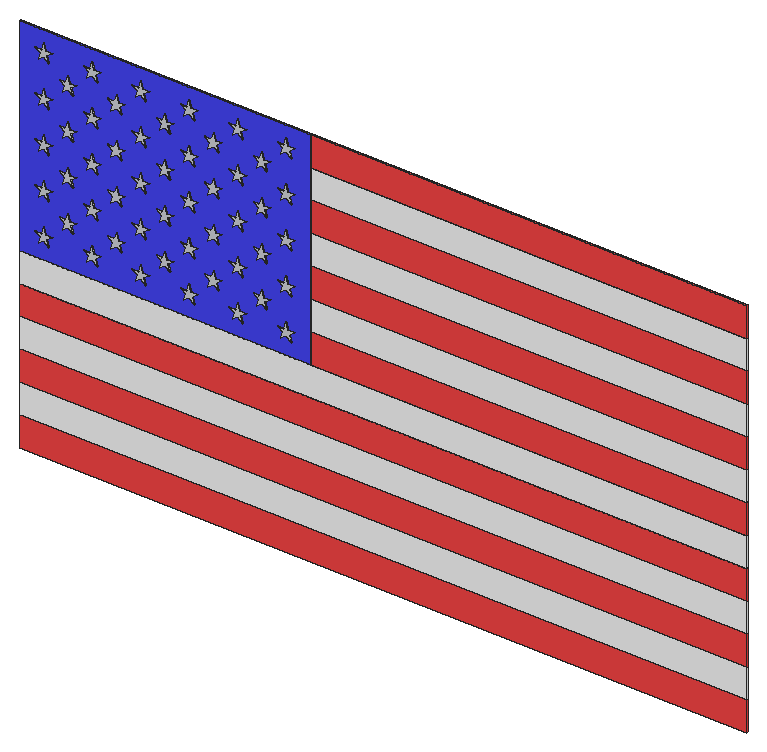
Revit family "Flag 1", category Generic Models, Revit 2023
Family settings
  Can host rebar = No
  Round Connector Dimension = Use Diameter
  Part Type = Normal
  Work Plane-Based = No
  Always vertical = Yes
  Cut with Voids When Loaded = No
  Maintain Annotation Orientation = No
  Shared = No
  Room Calculation Point = No
Parameters
  Star Area Vertical [instance] = Stripe Height * 7  # 1' - 7.38462"
  Star Area Horizontal [instance] = (Length / 5) * 2  # 2' - 3.36"
  Height [instance] = 3' - 0"
  Top of Flag [instance] = 6' - 0"
  Offset from Pole [instance] = 0' - 3"
  Length [instance] = Height * 1.9  # 5' - 8.4"
  Flag Thickness [instance] = 0' - 0 1/8"  # constant formula
  Default Elevation = 0' - 0"
  Stripe Height [instance] = Height / 13  # 0' - 2.76923"
Reference planes (in)
  plane 1 "Center (Front/Back)": y = -1
  plane 2: z = 0
  plane 3 "Center (Left/Right)": x = 0
  plane 4: z = 72
  plane 5: x = 3
  plane 6: x = 71.4
  plane 7: z = 36
  plane 8: y = -0.9375
  plane 9: y = -1.0625
  plane 10: x = 30.36
  plane 11: z = 69.23077
  plane 12: z = 66.46154
  plane 13: z = 63.69231
  plane 14: z = 60.92308
  plane 15: z = 55.38462
  plane 16: z = 52.61538
  plane 17: z = 58.15385
  plane 18: z = 49.84615
  plane 19: z = 47.07692
  plane 20: z = 44.30769
  plane 21: z = 41.53846
  plane 22: z = 38.76923
Forms (in)
  Extrusion 1, solid
    sketch origin (0, -1, 0) x (1, 0, 0) y (0, 0, 1)
      loop
        line (3, 72) -> (3, 52.61538) -> (30.36, 52.61538) -> (30.36, 72) -> (3, 72)
    from -0.0625 to 0.0625
  Extrusion 2, solid
    sketch origin (0, -1, 0) x (1, 0, 0) y (0, 0, 1)
      loop
        line (30.36, 72) -> (30.36, 69.23077) -> (71.4, 69.23077) -> (71.4, 72) -> (30.36, 72)
      loop
        line (30.36, 66.46154) -> (30.36, 63.69231) -> (71.4, 63.69231) -> (71.4, 66.46154) -> (30.36, 66.46154)
      loop
        line (30.36, 60.92308) -> (30.36, 58.15385) -> (71.4, 58.15385) -> (71.4, 60.92308) -> (30.36, 60.92308)
      loop
        line (30.36, 55.38462) -> (30.36, 52.61538) -> (71.4, 52.61538) -> (71.4, 55.38462) -> (30.36, 55.38462)
      loop
        line (3, 49.84615) -> (3, 47.07692) -> (71.4, 47.07692) -> (71.4, 49.84615) -> (3, 49.84615)
      loop
        line (3, 44.30769) -> (3, 41.53846) -> (71.4, 41.53846) -> (71.4, 44.30769) -> (3, 44.30769)
      loop
        line (3, 38.76923) -> (3, 36) -> (71.4, 36) -> (71.4, 38.76923) -> (3, 38.76923)
    from -0.0625 to 0.0625
  Extrusion 3, solid
    sketch origin (0, -1, 0) x (1, 0, 0) y (0, 0, 1)
      loop
        line (30.36, 69.23077) -> (30.36, 66.46154) -> (71.4, 66.46154) -> (71.4, 69.23077) -> (30.36, 69.23077)
      loop
        line (30.36, 63.69231) -> (30.36, 60.92308) -> (71.4, 60.92308) -> (71.4, 63.69231) -> (30.36, 63.69231)
      loop
        line (30.36, 58.15385) -> (30.36, 55.38462) -> (71.4, 55.38462) -> (71.4, 58.15385) -> (30.36, 58.15385)
      loop
        line (3, 52.61538) -> (3, 49.84615) -> (71.4, 49.84615) -> (71.4, 52.61538) -> (3, 52.61538)
      loop
        line (3, 47.07692) -> (3, 44.30769) -> (71.4, 44.30769) -> (71.4, 47.07692) -> (3, 47.07692)
      loop
        line (3, 41.53846) -> (3, 38.76923) -> (71.4, 38.76923) -> (71.4, 41.53846) -> (3, 41.53846)
    from -0.0625 to 0.0625
Dimensions and locks (in)
  "Offset from Pole": plane 5 to plane 3 "Center (Left/Right)"
  "Length": plane 6 to plane 5
  "Height": plane 4 to plane 7
  "Top of Flag": plane 4 to plane 2
  equal spacing: plane 8, plane 1 "Center (Front/Back)", plane 9
  "Flag Thickness": plane 8 to plane 9
  equal spacing: plane 4, plane 11, plane 12, plane 13, plane 14, plane 17, plane 15, plane 16, plane 18, plane 19, plane 20, plane 21, plane 22, plane 7
  "Star Area Horizontal": plane 10 to plane 5
  aligned and locked: level to plane 2
  aligned and locked: Extrusion 1 sketch curve to plane 5
  aligned and locked: Extrusion 1 sketch curve to plane 4
  aligned and locked: Extrusion 1 sketch curve to plane 10
  aligned and locked: Extrusion 1 to plane 16
  aligned and locked: Extrusion 2 sketch curve to plane 10  (x4)
  aligned and locked: Extrusion 2 sketch curve to plane 4
  aligned and locked: Extrusion 2 sketch curve to plane 11
  aligned and locked: Extrusion 2 sketch curve to plane 6
  aligned and locked: Extrusion 2 sketch curve to plane 12
  aligned and locked: Extrusion 2 sketch curve to plane 13
  aligned and locked: Extrusion 2 sketch curve to plane 14
  aligned and locked: Extrusion 2 sketch curve to plane 17
  aligned and locked: Extrusion 2 sketch curve to plane 15
  aligned and locked: Extrusion 2 sketch curve to plane 16
  aligned and locked: Extrusion 2 sketch curve to plane 18
  aligned and locked: Extrusion 2 sketch curve to plane 19
  aligned and locked: Extrusion 2 sketch curve to plane 20
  aligned and locked: Extrusion 2 sketch curve to plane 21
  aligned and locked: Extrusion 2 sketch curve to plane 22
  aligned and locked: Extrusion 2 sketch curve to plane 7
  aligned and locked: Extrusion 2 sketch curve to plane 5  (x3)
  aligned and locked: plane 6 to Extrusion 2 sketch curve  (x6)
  aligned and locked: Extrusion 3 sketch curve to plane 11
  aligned and locked: Extrusion 3 sketch curve to plane 12
  aligned and locked: Extrusion 3 sketch curve to plane 13
  aligned and locked: Extrusion 3 sketch curve to plane 14
  aligned and locked: Extrusion 3 sketch curve to plane 17
  aligned and locked: Extrusion 3 sketch curve to plane 15
  aligned and locked: Extrusion 3 sketch curve to plane 16
  aligned and locked: Extrusion 3 sketch curve to plane 18
  aligned and locked: Extrusion 3 sketch curve to plane 19
  aligned and locked: Extrusion 3 sketch curve to plane 20
  aligned and locked: Extrusion 3 sketch curve to plane 21
  aligned and locked: Extrusion 3 sketch curve to plane 22
  aligned and locked: Extrusion 3 sketch curve to plane 5  (x3)
  aligned and locked: Extrusion 3 sketch curve to plane 6  (x6)
  aligned and locked: plane 8 to Extrusion 2
  aligned and locked: plane 8 to Extrusion 3
  aligned and locked: Extrusion 2 to plane 9
  aligned and locked: Extrusion 3 to plane 9
  aligned and locked: plane 8 to Extrusion 1
  aligned and locked: Extrusion 1 to plane 9
  aligned and locked: plane 5 to nested 1
  aligned and locked: nested 1 to plane 4
  aligned and locked: plane 5 to nested 2
  aligned and locked: nested 2 to plane 4
Automatic sketch dimensions
  plane 19 to Extrusion 1 sketch curve = 0' - 5.53846"
  Extrusion 3 sketch curve to plane 10 = 0' - 0"  (x3)
Nested families (in)
  nested 1: "Flag Star Layout 1" at (3, -1.0625, 72) x (1, 0, 0) z (0, -1, 0), type "Flag Star Layout 1"
    with Star Size 0' - 0.84269", Width_Flag 5' - 8.4", Star Area Horizontal 2' - 3.36", Star Area Vertical 1' - 7.38462"
  nested 2: "Flag Star Layout 1" at (3, -0.9375, 72) x (1, 0, 0) z (0, -1, 0), type "Flag Star Layout 1"
    with Star Size 0' - 0.84269", Width_Flag 5' - 8.4", Star Area Horizontal 2' - 3.36", Star Area Vertical 1' - 7.38462"
Definition of nested family "Flag Star Layout 1"
  Parameters (values of type "Flag Star Layout 1")
    Star Size = (Star Area Horizontal * 0.0616) / 2  # 0' - 1"
    Width_Flag = 2' - 8.46753"
    Star Area Horizontal = 2' - 8.46753"
    Star Area Vertical = 2' - 0"
    Default Elevation = 4' - 0"
  Reference planes (in)
    plane 1 "Center (Front/Back)": y = 0
    plane 2: z = 0
    plane 3 "Center (Left/Right)": x = 0
    plane 4: y = -24
    plane 5: x = 32.46753
    plane 6: y = -21.6
    plane 7: y = -19.2
    plane 8: y = -16.8
    plane 9: y = -14.4
    plane 10: y = -12
    plane 11: y = -9.6
    plane 12: y = -7.2
    plane 13: y = -4.8
    plane 14: y = -2.4
    plane 15: x = 2.70563
    plane 16: x = 5.41126
    plane 17: x = 8.11688
    plane 18: x = 10.82251
    plane 19: x = 13.52814
    plane 20: x = 16.23377
    plane 21: x = 18.93939
    plane 22: x = 21.64502
    plane 23: x = 24.35065
    plane 24: x = 27.05628
    plane 25: x = 29.7619
  Forms (in)
    Extrusion 1, solid
      sketch origin (0, 0, 0) x (1, 0, 0) y (0, 1, 0)
        loop
          line (-48, 48) -> (-48, -48) -> (48, -48) -> (48, 48) -> (-48, 48)
      from 0 to -12
  Dimensions and locks (in)
    "Star Area Horizontal": plane 3 "Center (Left/Right)" to plane 5
    "Star Area Vertical": plane 4 to plane 1 "Center (Front/Back)"
    equal spacing: plane 1 "Center (Front/Back)", plane 14, plane 13, plane 12, plane 11, plane 10, plane 9, plane 8, plane 7, plane 6, plane 4
    equal spacing: plane 3 "Center (Left/Right)", plane 15, plane 16, plane 17, plane 18, plane 19, plane 20, plane 21, plane 22, plane 23, plane 24, plane 25, plane 5
    aligned and locked: plane 2 to Extrusion 1
    aligned and locked: level to Extrusion 1
    aligned and locked: nested 1 to plane 14
    aligned and locked: plane 15 to nested 1
    aligned and locked: nested 6 to plane 14
    aligned and locked: nested 5 to plane 14
    aligned and locked: nested 4 to plane 14
    aligned and locked: nested 3 to plane 14
    aligned and locked: nested 2 to plane 14
    aligned and locked: nested 11 to plane 13
    aligned and locked: nested 10 to plane 13
    aligned and locked: nested 9 to plane 13
    aligned and locked: nested 8 to plane 13
    aligned and locked: nested 7 to plane 13
    aligned and locked: nested 17 to plane 12
    aligned and locked: nested 16 to plane 12
    aligned and locked: nested 15 to plane 12
    aligned and locked: nested 14 to plane 12
    aligned and locked: nested 13 to plane 12
    aligned and locked: nested 12 to plane 12
    aligned and locked: nested 22 to plane 11
    aligned and locked: nested 21 to plane 11
    aligned and locked: nested 20 to plane 11
    aligned and locked: nested 19 to plane 11
    aligned and locked: nested 18 to plane 11
    aligned and locked: nested 28 to plane 10
    aligned and locked: nested 27 to plane 10
    aligned and locked: nested 26 to plane 10
    aligned and locked: nested 25 to plane 10
    aligned and locked: nested 24 to plane 10
    aligned and locked: nested 23 to plane 10
    aligned and locked: nested 33 to plane 9
    aligned and locked: nested 32 to plane 9
    aligned and locked: nested 31 to plane 9
    aligned and locked: nested 30 to plane 9
    aligned and locked: nested 29 to plane 9
    aligned and locked: nested 39 to plane 8
    aligned and locked: nested 38 to plane 8
    aligned and locked: nested 37 to plane 8
    aligned and locked: nested 36 to plane 8
    aligned and locked: nested 35 to plane 8
    aligned and locked: nested 34 to plane 8
    aligned and locked: nested 44 to plane 7
    aligned and locked: nested 43 to plane 7
    aligned and locked: nested 42 to plane 7
    aligned and locked: nested 41 to plane 7
    aligned and locked: nested 40 to plane 7
    aligned and locked: nested 50 to plane 6
    aligned and locked: nested 49 to plane 6
    aligned and locked: nested 48 to plane 6
    aligned and locked: nested 47 to plane 6
    aligned and locked: nested 46 to plane 6
    aligned and locked: nested 45 to plane 6
    aligned and locked: plane 15 to nested 34
    aligned and locked: plane 15 to nested 45
    aligned and locked: plane 15 to nested 23
    aligned and locked: plane 15 to nested 12
    aligned and locked: plane 16 to nested 44
    aligned and locked: plane 16 to nested 33
    aligned and locked: plane 16 to nested 22
    aligned and locked: plane 16 to nested 11
    aligned and locked: plane 17 to nested 35
    aligned and locked: plane 17 to nested 46
    aligned and locked: plane 17 to nested 24
    aligned and locked: plane 17 to nested 13
    aligned and locked: plane 17 to nested 2
    aligned and locked: plane 18 to nested 43
    aligned and locked: plane 18 to nested 32
    aligned and locked: plane 18 to nested 21
    aligned and locked: plane 18 to nested 10
    aligned and locked: plane 19 to nested 36
    aligned and locked: plane 19 to nested 47
    aligned and locked: plane 19 to nested 25
    aligned and locked: plane 19 to nested 14
    aligned and locked: plane 19 to nested 3
    aligned and locked: plane 20 to nested 42
    aligned and locked: plane 20 to nested 31
    aligned and locked: plane 20 to nested 20
    aligned and locked: plane 20 to nested 9
    aligned and locked: plane 21 to nested 37
    aligned and locked: plane 21 to nested 48
    aligned and locked: plane 21 to nested 26
    aligned and locked: plane 21 to nested 15
    aligned and locked: plane 21 to nested 4
    aligned and locked: plane 23 to nested 38
    aligned and locked: plane 23 to nested 49
    aligned and locked: plane 23 to nested 27
    aligned and locked: plane 23 to nested 16
    aligned and locked: plane 23 to nested 5
    aligned and locked: plane 24 to nested 40
    aligned and locked: plane 24 to nested 29
    aligned and locked: plane 24 to nested 18
    aligned and locked: plane 24 to nested 7
    aligned and locked: plane 25 to nested 39
    aligned and locked: plane 25 to nested 50
    aligned and locked: plane 25 to nested 28
    aligned and locked: plane 25 to nested 17
    aligned and locked: plane 25 to nested 6
    aligned and locked: plane 22 to nested 41
    aligned and locked: plane 22 to nested 30
    aligned and locked: plane 22 to nested 19
    aligned and locked: plane 22 to nested 8
  Automatic sketch dimensions
    Extrusion 1 sketch curve to Extrusion 1 sketch curve = 8' - 0"  (x2)
  Nested families (in)
    nested 1: "Flag Star 1" at (2.70563, -2.4, 0), type "Flag Star 1"
    nested 2: "Flag Star 1" at (8.11688, -2.4, 0), type "Flag Star 1"
    nested 3: "Flag Star 1" at (13.52814, -2.4, 0), type "Flag Star 1"
    nested 4: "Flag Star 1" at (18.93939, -2.4, 0), type "Flag Star 1"
    nested 5: "Flag Star 1" at (24.35065, -2.4, 0), type "Flag Star 1"
    nested 6: "Flag Star 1" at (29.7619, -2.4, 0), type "Flag Star 1"
    nested 7: "Flag Star 1" at (27.05628, -4.8, 0), type "Flag Star 1"
    nested 8: "Flag Star 1" at (21.64502, -4.8, 0), type "Flag Star 1"
    nested 9: "Flag Star 1" at (16.23377, -4.8, 0), type "Flag Star 1"
    nested 10: "Flag Star 1" at (10.82251, -4.8, 0), type "Flag Star 1"
    nested 11: "Flag Star 1" at (5.41126, -4.8, 0), type "Flag Star 1"
    nested 12: "Flag Star 1" at (2.70563, -7.2, 0), type "Flag Star 1"
    nested 13: "Flag Star 1" at (8.11688, -7.2, 0), type "Flag Star 1"
    nested 14: "Flag Star 1" at (13.52814, -7.2, 0), type "Flag Star 1"
    nested 15: "Flag Star 1" at (18.93939, -7.2, 0), type "Flag Star 1"
    nested 16: "Flag Star 1" at (24.35065, -7.2, 0), type "Flag Star 1"
    nested 17: "Flag Star 1" at (29.7619, -7.2, 0), type "Flag Star 1"
    nested 18: "Flag Star 1" at (27.05628, -9.6, 0), type "Flag Star 1"
    nested 19: "Flag Star 1" at (21.64502, -9.6, 0), type "Flag Star 1"
    nested 20: "Flag Star 1" at (16.23377, -9.6, 0), type "Flag Star 1"
    nested 21: "Flag Star 1" at (10.82251, -9.6, 0), type "Flag Star 1"
    nested 22: "Flag Star 1" at (5.41126, -9.6, 0), type "Flag Star 1"
    nested 23: "Flag Star 1" at (2.70563, -12, 0), type "Flag Star 1"
    nested 24: "Flag Star 1" at (8.11688, -12, 0), type "Flag Star 1"
    nested 25: "Flag Star 1" at (13.52814, -12, 0), type "Flag Star 1"
    nested 26: "Flag Star 1" at (18.93939, -12, 0), type "Flag Star 1"
    nested 27: "Flag Star 1" at (24.35065, -12, 0), type "Flag Star 1"
    nested 28: "Flag Star 1" at (29.7619, -12, 0), type "Flag Star 1"
    nested 29: "Flag Star 1" at (27.05628, -14.4, 0), type "Flag Star 1"
    nested 30: "Flag Star 1" at (21.64502, -14.4, 0), type "Flag Star 1"
    nested 31: "Flag Star 1" at (16.23377, -14.4, 0), type "Flag Star 1"
    nested 32: "Flag Star 1" at (10.82251, -14.4, 0), type "Flag Star 1"
    nested 33: "Flag Star 1" at (5.41126, -14.4, 0), type "Flag Star 1"
    nested 34: "Flag Star 1" at (2.70563, -16.8, 0), type "Flag Star 1"
    nested 35: "Flag Star 1" at (8.11688, -16.8, 0), type "Flag Star 1"
    nested 36: "Flag Star 1" at (13.52814, -16.8, 0), type "Flag Star 1"
    nested 37: "Flag Star 1" at (18.93939, -16.8, 0), type "Flag Star 1"
    nested 38: "Flag Star 1" at (24.35065, -16.8, 0), type "Flag Star 1"
    nested 39: "Flag Star 1" at (29.7619, -16.8, 0), type "Flag Star 1"
    nested 40: "Flag Star 1" at (27.05628, -19.2, 0), type "Flag Star 1"
    nested 41: "Flag Star 1" at (21.64502, -19.2, 0), type "Flag Star 1"
    nested 42: "Flag Star 1" at (16.23377, -19.2, 0), type "Flag Star 1"
    nested 43: "Flag Star 1" at (10.82251, -19.2, 0), type "Flag Star 1"
    nested 44: "Flag Star 1" at (5.41126, -19.2, 0), type "Flag Star 1"
    nested 45: "Flag Star 1" at (2.70563, -21.6, 0), type "Flag Star 1"
    nested 46: "Flag Star 1" at (8.11688, -21.6, 0), type "Flag Star 1"
    nested 47: "Flag Star 1" at (13.52814, -21.6, 0), type "Flag Star 1"
    nested 48: "Flag Star 1" at (18.93939, -21.6, 0), type "Flag Star 1"
    nested 49: "Flag Star 1" at (24.35065, -21.6, 0), type "Flag Star 1"
    nested 50: "Flag Star 1" at (29.7619, -21.6, 0), type "Flag Star 1"
  Definition of nested family "Flag Star 1"
    Parameters (values of type "Flag Star 1")
      Radius_Star = 0' - 1"
      Thickness_Star = 0' - 0 1/32"
      Default Elevation = 4' - 0"
      Angle = 360.00° / 5  # 72.00°
    Reference planes (in)
      plane 1 "Center (Front/Back)": y = 0
      plane 2: z = 0
      plane 3 "Center (Left/Right)": x = 0
      plane 4: z = 0.03125
    Forms (in)
      Extrusion 1, solid
        sketch origin (0, 0, 0) x (1, 0, 0) y (0, 1, 0)
          loop
            line (-48, 48) -> (-48, -48) -> (48, -48) -> (48, 48) -> (-48, 48)
        from 0 to -12
      Extrusion 2, solid
        sketch origin (-0.9174, -0.29808, 0) x (1, 0, 0) y (0, 1, 0)
          loop
            line (0.32962, -0.51093) -> (0.9174, -0.08388) -> (1.50519, -0.51093) -> (1.28067, 0.18005) -> (1.86846, 0.6071) -> (1.14192, 0.6071) -> (0.9174, 1.29808) -> (0.69289, 0.6071) -> (-0.03365, 0.6071) -> (0.55413, 0.18005) -> (0.32962, -0.51093)
        from 0 to 0.03125
    Lines and regions (in)
      reference lines
        curve 1: circle (0, 0, 0) r 1 normal (0, 0, 1)
        curve 2: line (0, 0, 0) -> (-55.16128, 17.92299, 0)
        curve 3: line (0, 0, 0) -> (-22.93319, -31.56483, 0)
        curve 4: line (0, 0, 0) -> (27.03812, -37.21478, 0)
        curve 5: line (0, 0, 0) -> (45.65071, 14.83282, 0)
        curve 6: line (0, 1, 0) -> (0.58779, -0.80902, 0)
        curve 7: line (-0.95106, 0.30902, 0) -> (0.95106, 0.30902, 0)
        curve 8: line (-0.58779, -0.80902, 0) -> (0, 1, 0)
        curve 9: line (-0.58779, -0.80902, 0) -> (0.95106, 0.30902, 0)
        curve 10: line (0.58779, -0.80902, 0) -> (-0.95106, 0.30902, 0)
    Dimensions and locks (in)
      Extrusion 2 to curve 5 = 0' - 1"
      "Radius_Star": curve 10 to curve 5  (x2)
      "Radius_Star": plane 1 "Center (Front/Back)" to curve 8
      "Radius_Star": curve 9 to curve 5
      "Thickness_Star": plane 4 to plane 2
      "Radius_Star": radius of curve 1
      "Angle": angle curve 2 to curve 3
      "Angle": angle curve 5 to plane 3 "Center (Left/Right)"
      "Angle": angle plane 3 "Center (Left/Right)" to curve 2
      "Angle": angle curve 4 to curve 5
      angle curve 8 to plane 3 "Center (Left/Right)" = 18.00°
      angle plane 3 "Center (Left/Right)" to curve 6 = 18.00°
      angle curve 5 to curve 9 = 18.00°
      angle curve 7 to curve 5 = 18.00°
      angle curve 6 to curve 4 = 18.00°
      angle curve 4 to curve 10 = 18.00°
      angle curve 3 to curve 8 = 18.00°
      angle curve 9 to curve 3 = 18.00°
      angle curve 2 to curve 7 = 18.00°
      angle curve 10 to curve 2 = 18.00°
      aligned and locked: plane 2 to Extrusion 1
      aligned and locked: level to Extrusion 1
      aligned and locked: plane 3 "Center (Left/Right)" to curve 3
      aligned and locked: plane 1 "Center (Front/Back)" to curve 3
      aligned and locked: plane 3 "Center (Left/Right)" to curve 5
      aligned and locked: curve 7 to curve 10
      aligned and locked: Extrusion 2 sketch curve to curve 8
      aligned and locked: Extrusion 2 sketch curve to curve 10
      aligned and locked: Extrusion 2 sketch curve to curve 7
      aligned and locked: Extrusion 2 sketch curve to curve 6
      aligned and locked: Extrusion 2 sketch curve to curve 9
      aligned and locked: curve 7 to Extrusion 2 sketch curve
      aligned and locked: curve 6 to Extrusion 2 sketch curve
      aligned and locked: curve 8 to Extrusion 2 sketch curve
      aligned and locked: curve 10 to Extrusion 2 sketch curve
      aligned and locked: plane 4 to Extrusion 2
      aligned and locked: curve 9 to Extrusion 2 sketch curve
    Automatic sketch dimensions
      Extrusion 1 sketch curve to Extrusion 1 sketch curve = 8' - 0"  (x2)
      curve 8 to plane 3 "Center (Left/Right)" = 0' - 0"
